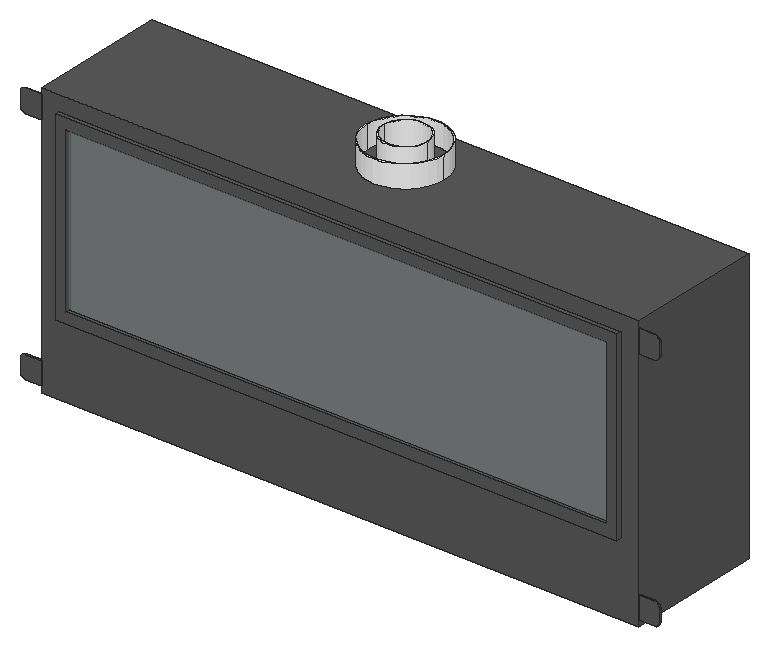
Revit family "DLR4813", category Generic Models, Revit 2019
Family settings
  Can host rebar = No
  Round Connector Dimension = Use Diameter
  Part Type = Normal
  Work Plane-Based = No
  Always vertical = Yes
  Cut with Voids When Loaded = No
  Shared = No
  Room Calculation Point = No
Parameters
  Width = 12 5/16"
  URL = "https://www.montigo.com/"
  Model = ""
  Manufacturer Fax = ""
  Manufacturer Website = "https://www.montigo.com/"
  Manufacturer Phone - Toll Free = "800-378-3115"
  Manufacturer Phone = ""
  Manufacturer Address = "27342 Gloucester Way  Langley, BC, Canada   V4W 4A1"
  Manufacturer = "Montigo"
  Length = 53 7/16"
  Keynote = ""
  Glazing Tint = Glass - Montigo - Tint as Specified
  Frame Material = Metal - Montigo - Black
  Firebox Material = Metal - Montigo - White
  Fire Place Length = 50 5/16"
  Fire Place Height = 24 1/2"
  Fire Place - Opening = 16 9/16"
  Description = "Montigo Fireplace as Specified"
  Base Height = 6 9/16"
Reference planes (in)
  plane 1 "Center (Front/Back)": y = 0
  plane 2: z = 0
  plane 3 "Center (Left/Right)": x = 0
  plane 4: x = -26.71875
  plane 5: x = 26.71875
  plane 6: y = 6.15625
  plane 7: y = -6.15625
  plane 8: z = 6.5625
  plane 9: z = 23.125
  plane 10: z = 24.5
  plane 11: x = -25.15625
  plane 12: x = 25.15625
Forms (in)
  Extrusion 1, solid, material "Metal - Montigo - Black" <- "Frame Material"
    sketch origin (0, 0, 0) x (1, 0, 0) y (0, 1, 0)
      loop
        line (-26.71875, 6.15625) -> (-26.71875, -6.15625) -> (26.71875, -6.15625) -> (26.71875, 6.15625) -> (-26.71875, 6.15625)
    from 0 to 24.5
  Extrusion 2, solid, material "Metal - Montigo - Black" <- "Frame Material"
    sketch origin (26.71875, -6.15625, 0) x (-1, 0, 0) y (0, 0, -1)
      loop
        line (51.875, -23.125) -> (51.875, -6.5625) -> (1.5625, -6.5625) -> (1.5625, -23.125) -> (51.875, -23.125)
      loop
        line (2.5, -22.15625) -> (50.9375, -22.15625) -> (50.9375, -7.53125) -> (2.5, -7.53125) -> (2.5, -22.15625)
    from 0 to 0.4375
  Extrusion 3, solid, material "Metal - Montigo - Black" <- "Frame Material"
    sketch origin (26.71875, -6.15625, 0) x (-1, 0, 0) y (0, 0, -1)
      loop
        line (0, -23.9485) -> (0, -21.92032) -> (-1.41473, -21.92032)
        arc (-1.41473, -21.92032) -> (-1.77856, -22.07102) -> (-1.92927, -22.43485) r 0.51454
        line (-1.92927, -22.43485) -> (-1.92927, -23.44894)
        arc (-1.92927, -23.44894) -> (-1.78295, -23.80218) -> (-1.42972, -23.9485) r 0.49955
        line (-1.42972, -23.9485) -> (0, -23.9485)
      loop
        line (0, -0.5515) -> (-1.42972, -0.5515)
        arc (-1.42972, -0.5515) -> (-1.78295, -0.69782) -> (-1.92927, -1.05106) r 0.49955
        line (-1.92927, -1.05106) -> (-1.92927, -2.06515)
        arc (-1.92927, -2.06515) -> (-1.77856, -2.42898) -> (-1.41473, -2.57968) r 0.51454
        line (-1.41473, -2.57968) -> (0, -2.57968) -> (0, -0.5515)
      loop
        line (53.4375, -23.9485) -> (54.86722, -23.9485)
        arc (54.86722, -23.9485) -> (55.22045, -23.80218) -> (55.36677, -23.44894) r 0.49955
        line (55.36677, -23.44894) -> (55.36677, -22.43485)
        arc (55.36677, -22.43485) -> (55.21606, -22.07102) -> (54.85223, -21.92032) r 0.51454
        line (54.85223, -21.92032) -> (53.4375, -21.92032) -> (53.4375, -23.9485)
      loop
        line (53.4375, -0.5515) -> (53.4375, -2.57968) -> (54.85223, -2.57968)
        arc (54.85223, -2.57968) -> (55.21606, -2.42898) -> (55.36677, -2.06515) r 0.51454
        line (55.36677, -2.06515) -> (55.36677, -1.05106)
        arc (55.36677, -1.05106) -> (55.22045, -0.69782) -> (54.86722, -0.5515) r 0.49955
        line (54.86722, -0.5515) -> (53.4375, -0.5515)
    from -0.0625 to 0
  Extrusion 4, solid, material "Glass - Montigo - Tint as Specified" <- "Glazing Tint"
    sketch origin (26.71875, -6.15625, 0) x (-1, 0, 0) y (0, 0, -1)
      loop
        line (51, -22.21875) -> (51, -7.53125) -> (2.4375, -7.53125) -> (2.4375, -22.21875) -> (51, -22.21875)
    from 0 to 0.125
Dimensions and locks (in)
  equal spacing: plane 6, plane 1 "Center (Front/Back)", plane 7
  "Width": plane 6 to plane 7
  "Length": plane 4 to plane 5
  equal spacing: plane 4, plane 3 "Center (Left/Right)", plane 5
  "Base Height": plane 8 to plane 2
  "Fire Place - Opening": plane 9 to plane 8
  "Fire Place Height": plane 10 to plane 2
  "Fire Place Length": plane 12 to plane 11
  equal spacing: plane 12, plane 3 "Center (Left/Right)", plane 11
  plane 5 to plane 4 = 53 7/16"
  plane 6 to nested 1 = 5.02692"
  aligned and locked: level to plane 2
  aligned and locked: Extrusion 1 sketch curve to plane 6
  aligned and locked: Extrusion 1 sketch curve to plane 7
  aligned and locked: plane 10 to Extrusion 1
  aligned and locked: plane 5 to Extrusion 1 sketch curve
  aligned and locked: plane 4 to Extrusion 1 sketch curve
  aligned and locked: Extrusion 2 sketch curve to plane 9
  aligned and locked: plane 11 to Extrusion 2 sketch curve
  aligned and locked: plane 8 to Extrusion 2 sketch curve
  aligned and locked: plane 12 to Extrusion 2 sketch curve
Automatic sketch dimensions
  Extrusion 2 sketch curve to Extrusion 2 sketch curve = 15/16"  (x2)
  Extrusion 2 sketch curve to Extrusion 2 sketch curve = 31/32"  (x2)
  Extrusion 3 sketch curve to Extrusion 1 = 0"  (x4)
  Extrusion 1 to Extrusion 3 sketch curve = 1.41473"  (x2)
  Extrusion 3 sketch curve to Extrusion 3 sketch curve = 0.01499"  (x2)
  Extrusion 1 to Extrusion 3 sketch curve = 0.5515"  (x2)
  Extrusion 1 to Extrusion 3 sketch curve = 1.42972"
  Extrusion 3 sketch curve to Extrusion 3 sketch curve = 0.49955"  (x3)
  Extrusion 3 sketch curve to Extrusion 3 sketch curve = 0.51454"
  Extrusion 3 sketch curve to Extrusion 1 = 1.41473"  (x2)
  Extrusion 3 sketch curve to Extrusion 1 = 1.42972"
  Extrusion 3 sketch curve to Extrusion 3 sketch curve = 1.01409"  (x4)
  Extrusion 1 to Extrusion 3 sketch curve = 2.57968"  (x2)
  Extrusion 4 sketch curve to Extrusion 1 = 2 7/16"
  Extrusion 1 to Extrusion 4 sketch curve = 2 7/16"
  Extrusion 1 to Extrusion 4 sketch curve = 2 9/32"
  Extrusion 1 to Extrusion 4 sketch curve = 7 17/32"
Nested families (in)
  nested 1: "Duct Dia" at (0, 1.12933, 24.5) x (-1, 0, 0) z (0, 0, 1), type "4""
    with Intake Duct Dia 4", Intake Diameter 3 7/8", Height 2 1/2"
  nested 2: "Duct Dia" at (0, 1.12933, 24.5) x (-1, 0, 0) z (0, 0, 1), type "7""
    with Intake Duct Dia 7", Intake Diameter 6 7/8", Height 2"
Connectors (in)
  hvac at (0, 1.12933, 27)
    settings: on nested 1, index 2, duct flow 0.0 L/s, flow factor 0, pres drop 0.0 Pa, loss coef 0, conn angle 0.00°, conn width 304.8 mm, conn height 304.8 mm, conn diameter 101.6 mm, duct sys type 3, conn prof type 0, flow config 0, flow direction 0, loss method 0, conn ref index -1, conn util no, is conn primary yes, conn desc ""
  hvac at (0, 1.12933, 26.5)
    settings: on nested 2, index 3, duct flow 0.0 L/s, flow factor 0, pres drop 0.0 Pa, loss coef 0, conn angle 0.00°, conn width 304.8 mm, conn height 304.8 mm, conn diameter 177.8 mm, duct sys type 3, conn prof type 0, flow config 0, flow direction 0, loss method 0, conn ref index -1, conn util no, is conn primary no, conn desc ""
Definition of nested family "Duct Dia"
  Parameters (values of type "15 7/8" Dia.")
    Intake Duct Dia = 15 7/8"
    Intake Diameter = Intake Duct Dia - 1/8"  # 15 3/4"
    Height = 4"
    Firebox Material = none
    Default Elevation = 48"
  Types (12): name | Intake Duct Dia | Intake Diameter | Height
    9 7/8" Dia. | 9 7/8" | 9 3/4" | 4"
    7 7/8" Dia | 7 7/8" | 7 3/4" | 4"
    8 1/8" Dia | 8 1/8" | 8" | 1/4"
    11 3/4" Dia | 11 3/4" | 11 5/8" | 4"
    4" Dia | 10" | 9 7/8" | 4"
    7 3/4" Dia | 7 3/4" | 7 5/8" | 4"
    6 7/8" Dia | 6 7/8" | 6 3/4" | 1/4"
    9 3/4" Dia. | 9 3/4" | 9 5/8" | 4"
    7 1/8" Dia | 7 1/8" | 7" | 1/4"
    11 7/8" Dia. | 11 7/8" | 11 3/4" | 4"
    13 7/8" Dia. | 13 7/8" | 13 3/4" | 4"
    15 7/8" Dia. | 15 7/8" | 15 3/4" | 4"
  Reference planes (in)
    plane 1 "Center (Front/Back)": y = 0
    plane 2: z = 0
    plane 3 "Center (Left/Right)": x = 0
    plane 4: z = 4
  Forms (in)
    Extrusion 1, solid
      sketch origin (0, 0, 0) x (1, 0, 0) y (0, 1, 0)
        loop
          line (-48, 48) -> (-48, -48) -> (48, -48) -> (48, 48) -> (-48, 48)
      from 0 to -12
    Extrusion 2, solid, material <- "Firebox Material"
      sketch origin (0, 0, 0) x (1, 0, 0) y (0, 1, 0)
        loop
          circle (0, 0) r 7.9375
        loop
          circle (0, 0) r 7.875
      from 0 to 4
  Dimensions and locks (in)
    "Height": plane 4 to level
    "Intake Duct Dia": diameter of Extrusion 2 sketch curve
    "Intake Diameter": diameter of Extrusion 2 sketch curve
    aligned and locked: plane 2 to Extrusion 1
    aligned and locked: level to Extrusion 1
    aligned and locked: plane 4 to Extrusion 2
  Automatic sketch dimensions
    Extrusion 1 sketch curve to Extrusion 1 sketch curve = 96"  (x2)
    Extrusion 2 sketch curve to Extrusion 2 sketch curve = 0"  (x2)
    plane 1 "Center (Front/Back)" to Extrusion 2 sketch curve = 0"
    Extrusion 2 sketch curve to plane 3 "Center (Left/Right)" = 0"
